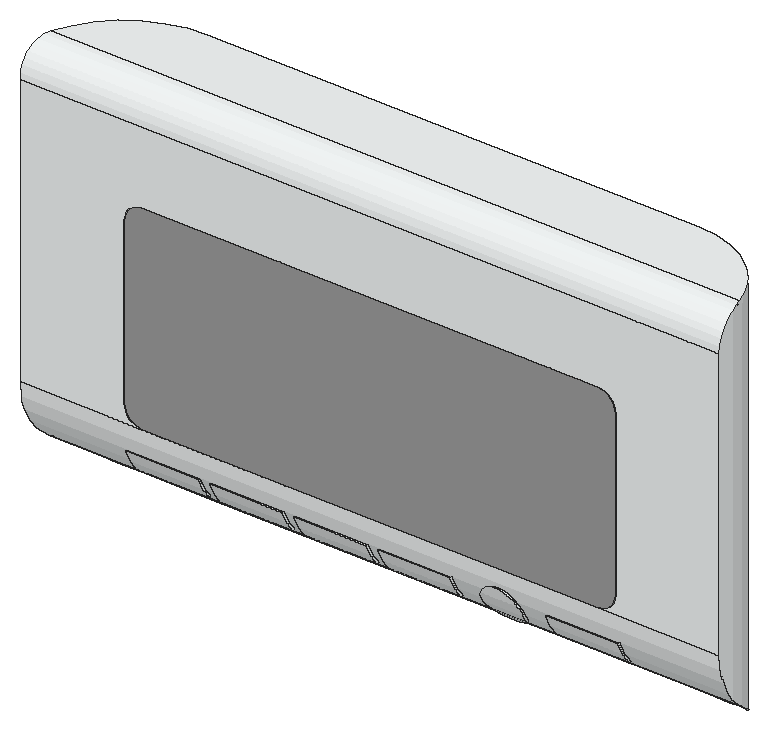
Revit family "WTH_thermostaat D9388", category Mechanical Equipment, Revit 2012
Parameters
  lod_niveau = "LOD400"  # constant formula
  leverancier = "WTH Vloerverwarming B.V."  # constant formula
  datasheet = "http://www.wth.nl/CmsData/Producten/D9375/D9375%20Productblad%20digitale%20klokthermostaat.pdf"
  content_modified_date = "08-08-2013"
  content_creation_date = "08-08-2013"  # constant formula
  bestelnummer = "D9388"  # constant formula
  artikelnummer = "D9388"  # constant formula
  URL = "http://www.wth.nl/Items/nl-NL/Producten/assortiment/D9375-WTH-Comfort-digitale-klokthermostaat"
  Model = ""
  Manufacturer = "WTH Vloerverwarming B.V."  # constant formula
  GTIN = ""
  GLN = ""
  Description = "WTH Comfort digitale klokthermostaat bus"  # constant formula
  Content version = "1.0"  # constant formula
  Content Creator = "www.cadac.com/aec"
Reference planes
  plane 1 "Center (Front/Back)": y = 0
  plane 2: z = 0
  plane 3 "Center (Left/Right)": x = 0
  plane 4: x = -77.5
  plane 5: x = 77.5
  plane 6: z = 92
  plane 7: y = -23
  plane 8: x = -20
  plane 9: z = 69
  plane 10: z = 25
  plane 11: x = 20
  plane 12: x = -54.5
  plane 13: x = 54.5
  plane 14: x = -20.2
  plane 15: z = 25
  plane 16: z = 85
  plane 17: y = -16
  plane 18: z = 24.869
Forms (mm)
  Extrusion 1, solid, material "zz_250-255-255"
    sketch origin (0, 0, 0) x (1, 0, 0) y (0, 0, 1)
      loop
        line (-77.5, 92) -> (-77.5, 0) -> (77.5, 0) -> (77.5, 92) -> (-77.5, 92)
    from 0 to 23
  Extrusion 2, void
    sketch origin (0, 0, 0) x (1, 0, 0) y (0, 0, 1)
      loop
        arc (-50.5, 69) -> (-53.328, 67.828) -> (-54.5, 65) r 4
        line (-54.5, 65) -> (-54.5, 29)
        arc (-54.5, 29) -> (-53.328, 26.172) -> (-50.5, 25) r 4
        line (-50.5, 25) -> (50.5, 25)
        arc (50.5, 25) -> (53.328, 26.172) -> (54.5, 29) r 4
        line (54.5, 29) -> (54.5, 65)
        arc (54.5, 65) -> (53.328, 67.828) -> (50.5, 69) r 4
        line (50.5, 69) -> (-50.5, 69)
    from 21.604 to 23
  Extrusion 3, solid, material "zz_128-128-128"
    sketch origin (23.265, 0, 0) x (1, 0, 0) y (0, 0, 1)
      loop
        arc (-73.765, 69) -> (-76.593, 67.828) -> (-77.765, 65) r 4
        line (-77.765, 65) -> (-77.765, 29)
        arc (-77.765, 29) -> (-76.593, 26.172) -> (-73.765, 25) r 4
        line (-73.765, 25) -> (27.235, 25)
        arc (27.235, 25) -> (30.064, 26.172) -> (31.235, 29) r 4
        line (31.235, 29) -> (31.235, 65)
        arc (31.235, 65) -> (30.064, 67.828) -> (27.235, 69) r 4
        line (27.235, 69) -> (-73.765, 69)
    from 21.604 to 23
  Extrusion 4, void
    sketch origin (0, 0, 0) x (0, 1, 0) y (0, 0, 1)
      loop
        arc (-15.91, 11.559) -> (-21.119, 17.402) -> (-23, 25) r 16.285
        line (-23, 25) -> (-23, 0) -> (0, 0) -> (-15.91, 11.559)
    from -77.5 to 77.5
  Extrusion 5, void
    sketch origin (0, 0, 101.8) x (0, 1, 0) y (0, 0, 1)
      loop
        line (-16, -9.8) -> (-23, -9.8) -> (-23, -16.8)
        arc (-23, -16.8) -> (-20.95, -11.85) -> (-16, -9.8) r 7
    from -77.5 to 77.5
  Extrusion 6, solid, material "zz_250-255-255"
    sketch origin (-4.999, 0, 0) x (1, 0, 0) y (0, 0, 1)
      loop
        line (-49.501, 19) -> (-49.501, 14) -> (-33.501, 14) -> (-33.501, 19) -> (-49.501, 19)
    from 1.798 to 23
  Extrusion 7, solid, material "zz_250-255-255"
    sketch origin (88.001, 0, 0) x (1, 0, 0) y (0, 0, 1)
      loop
        line (-49.501, 19) -> (-49.501, 14) -> (-33.501, 14) -> (-33.501, 19) -> (-49.501, 19)
    from 1.798 to 23
  Extrusion 8, solid, material "zz_250-255-255"
    sketch origin (13.601, 0, 0) x (1, 0, 0) y (0, 0, 1)
      loop
        line (-49.501, 19) -> (-49.501, 14) -> (-33.501, 14) -> (-33.501, 19) -> (-49.501, 19)
    from 1.798 to 23
  Extrusion 9, solid, material "zz_250-255-255"
    sketch origin (32.201, 0, 0) x (1, 0, 0) y (0, 0, 1)
      loop
        line (-49.501, 19) -> (-49.501, 14) -> (-33.501, 14) -> (-33.501, 19) -> (-49.501, 19)
    from 1.798 to 23
  Extrusion 10, solid, material "zz_250-255-255"
    sketch origin (50.801, 0, 0) x (1, 0, 0) y (0, 0, 1)
      loop
        line (-49.501, 19) -> (-49.501, 14) -> (-33.501, 14) -> (-33.501, 19) -> (-49.501, 19)
    from 1.798 to 23
  Extrusion 11, solid, material "zz_250-255-255"
    sketch origin (69.401, 0, 0) x (1, 0, 0) y (0, 0, 1)
      loop
        circle (-41.501, 16.5) r 4.5
    from 1.798 to 23.483
  Extrusion 12, void
    sketch origin (0, -0.483, -0.131) x (0, 1, 0) y (0, 0, 1)
      loop
        arc (-15.91, 11.559) -> (-21.119, 17.402) -> (-23, 25) r 16.285
        line (-23, 25) -> (-23, 0) -> (0, 0) -> (-15.91, 11.559)
    from -77.5 to 77.5
  Extrusion 13, void
    sketch origin (0, 0, 0) x (1, 0, 0) y (0, 1, 0)
      loop
        line (77.5, 0) -> (54.5, 0)
        arc (54.5, 0) -> (70.763, -6.737) -> (77.5, -23) r 23
        line (77.5, -23) -> (77.5, 0)
    from 0 to 92
  Extrusion 14, void
    sketch origin (0, 0, 0) x (-1, 0, 0) y (0, -1, 0)
      loop
        line (77.5, 0) -> (77.5, 23)
        arc (77.5, 23) -> (70.763, 6.737) -> (54.5, 0) r 23
        line (54.5, 0) -> (77.5, 0)
    from 0 to 92
Cuts and joins
  Extrusion 2, Extrusion 4, Extrusion 5, Extrusion 12, Extrusion 13, Extrusion 14 cuts Extrusion 1
  Extrusion 12 cuts Extrusion 6
  Extrusion 12 cuts Extrusion 7
  Extrusion 12 cuts Extrusion 8
  Extrusion 12 cuts Extrusion 9
  Extrusion 12 cuts Extrusion 10
  Extrusion 12 cuts Extrusion 11
Dimensions and locks
  equal spacing: plane 5, plane 3 "Center (Left/Right)", plane 4
  plane 5 to plane 4 = 155.0 mm
  plane 6 to plane 2 = 92.0 mm
  equal spacing: plane 13, plane 3 "Center (Left/Right)", plane 12
  plane 13 to plane 12 = 109.0 mm
  plane 6 to plane 9 = 23.0 mm
  aligned and locked: level to plane 2
  aligned and locked: Extrusion 1 sketch curve to plane 6
  aligned and locked: plane 4 to Extrusion 1 sketch curve
  aligned and locked: plane 2 to Extrusion 1 sketch curve
  aligned and locked: Extrusion 1 sketch curve to plane 5
  aligned and locked: Extrusion 1 to plane 7
  aligned and locked: Extrusion 2 to Extrusion 3  (x2)
  aligned and locked: plane 13 to Extrusion 2
  aligned and locked: Extrusion 5 to plane 4
  aligned and locked: plane 5 to Extrusion 5
  aligned and locked: plane 5 to Extrusion 4
  aligned and locked: Extrusion 4 to plane 4
  aligned and locked: plane 12 to Extrusion 3 sketch curve
  aligned and locked: Extrusion 3 sketch curve to plane 13
Automatic sketch dimensions
  Extrusion 2 sketch curve to plane 12 = 0.0 mm
  Extrusion 2 sketch curve to plane 10 = 0.0 mm
  Extrusion 2 sketch curve to plane 9 = 0.0 mm
  Extrusion 2 sketch curve to plane 13 = 0.0 mm
  plane 12 to Extrusion 2 sketch curve = 4.0 mm
  Extrusion 2 sketch curve to Extrusion 2 sketch curve = 4.0 mm
  plane 10 to Extrusion 2 sketch curve = 4.0 mm
  Extrusion 2 sketch curve to plane 13 = 4.0 mm
  Extrusion 3 sketch curve to plane 10 = 0.0 mm
  Extrusion 3 sketch curve to plane 9 = 0.0 mm
  plane 10 to Extrusion 3 sketch curve = 4.0 mm
  plane 12 to Extrusion 3 sketch curve = 4.0 mm
  Extrusion 3 sketch curve to Extrusion 3 sketch curve = 4.0 mm
  Extrusion 3 sketch curve to plane 13 = 4.0 mm
  Extrusion 4 sketch curve to level = 0.0 mm
  Extrusion 4 sketch curve to plane 7 = 0.0 mm
  Extrusion 4 sketch curve to plane 10 = 0.0 mm
  Extrusion 4 sketch curve to plane 1 "Center (Front/Back)" = 0.0 mm
  plane 7 to Extrusion 4 sketch curve = 7.09 mm
  plane 1 "Center (Front/Back)" to Extrusion 4 sketch curve = 6.715 mm
  Extrusion 5 sketch curve to plane 6 = 0.0 mm
  Extrusion 5 sketch curve to plane 7 = 0.0 mm
  plane 16 to Extrusion 5 sketch curve = 0.0 mm
  Extrusion 6 sketch curve to plane 12 = 0.0 mm
  plane 12 to Extrusion 6 sketch curve = 16.0 mm
  Extrusion 6 sketch curve to plane 10 = 11.0 mm
  Extrusion 6 sketch curve to Extrusion 6 sketch curve = 5.0 mm
  Extrusion 7 sketch curve to plane 13 = 0.0 mm
  Extrusion 7 sketch curve to plane 10 = 6.0 mm
  Extrusion 7 sketch curve to Extrusion 7 sketch curve = 16.0 mm
  Extrusion 7 sketch curve to Extrusion 7 sketch curve = 5.0 mm
  Extrusion 8 sketch curve to plane 14 = 15.7 mm
  plane 8 to Extrusion 8 sketch curve = 0.1 mm
  Extrusion 8 sketch curve to plane 10 = 11.0 mm
  Extrusion 8 sketch curve to Extrusion 8 sketch curve = 5.0 mm
  plane 8 to Extrusion 9 sketch curve = 2.7 mm
  Extrusion 9 sketch curve to plane 3 "Center (Left/Right)" = 1.3 mm
  Extrusion 9 sketch curve to plane 10 = 11.0 mm
  Extrusion 9 sketch curve to Extrusion 9 sketch curve = 5.0 mm
  plane 3 "Center (Left/Right)" to Extrusion 10 sketch curve = 1.3 mm
  plane 11 to Extrusion 10 sketch curve = 2.7 mm
  Extrusion 10 sketch curve to plane 10 = 11.0 mm
  Extrusion 10 sketch curve to Extrusion 10 sketch curve = 5.0 mm
  Extrusion 11 sketch curve to plane 11 = 7.9 mm
  Extrusion 11 sketch curve to plane 10 = 8.5 mm
  Extrusion 12 sketch curve to plane 18 = 0.0 mm
  Extrusion 12 sketch curve to level = 0.131 mm
  Extrusion 12 sketch curve to plane 7 = 0.483 mm
  plane 7 to Extrusion 12 sketch curve = 6.606 mm
  plane 1 "Center (Front/Back)" to Extrusion 12 sketch curve = 7.198 mm
  plane 1 "Center (Front/Back)" to Extrusion 12 sketch curve = 0.483 mm
  Extrusion 13 sketch curve to plane 7 = 0.0 mm
  Extrusion 13 sketch curve to plane 13 = 0.0 mm
  plane 1 "Center (Front/Back)" to Extrusion 13 sketch curve = 0.0 mm
  Extrusion 14 sketch curve to plane 7 = 0.0 mm
  Extrusion 14 sketch curve to plane 12 = 0.0 mm
  plane 1 "Center (Front/Back)" to Extrusion 14 sketch curve = 0.0 mm
  radius of Extrusion 11 sketch curve = 4.5 mm
